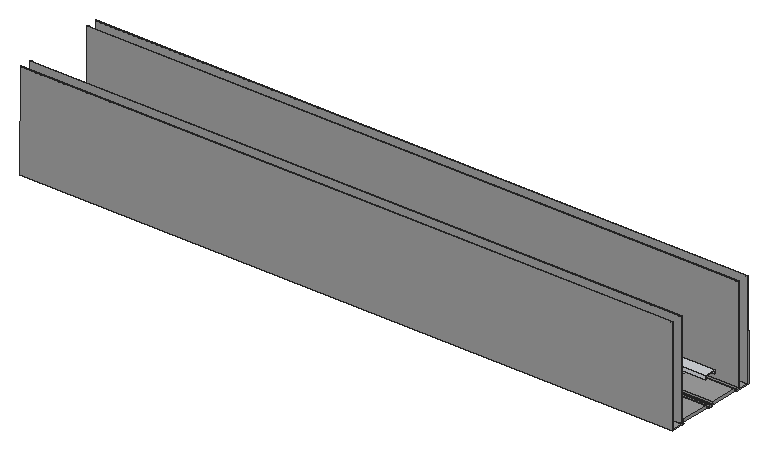
Revit family "Partition-4and1_Panels_High-Skyfold_Zenith_Premium-7-7_to_10-0_FC_2310_to_3050", category Generic Models, host Ceiling, Revit 2026
Family settings
  Host = Ceiling
  Can host rebar = No
  Round Connector Dimension = Use Diameter
  Part Type = Normal
  Always vertical = Yes
  Cut with Voids When Loaded = No
  Maintain Annotation Orientation = No
  Shared = No
  Room Calculation Point = No
Parameters (values of type "4 + 1  Panels high")
  Visibility Of Unfold Single Panel [instance] = and(not(Fold), Number Of Panels < 2)  # no
  Visibility Of Fold Single Panel [instance] = and(Fold, Number Of Panels < 2)  # no
  Visibility Of Fold Panels [instance] = and(Fold, Number Of Panels > 1)  # yes
  URL = "http://www.skyfold.com/"
  Total Panel Height = ([Panel Height"F"] * 4) + 0' 1 1/2"  # 7' - 7 5/8"
  T.O. Hanger = 9' - 8 9/16"
  Pocket Width Calc = if([Pocket Width"E"] > 5' 11 3/8", 5' 11 3/8", [Pocket Width"E"])  # 4' - 10 7/16"
  Pocket Material [instance] = Default
  Panel Array [instance] = if(Number Of Panels < 3, 2, Number Of Panels)  # 4
  Panel 4 Material [instance] = Default
  Panel 3 Material [instance] = Default
  Panel 2 Material [instance] = Default
  Offset Of Acoustic Barrier [instance] = Offset From Ceiling  # 0' - 0"
  Model = "Compact Drive System"
  Manufacturer = "Skyfold"
  Horizontal Panel 5 Material [instance] = Default
  Description = "Custom Powerlift Partitions"
  Default Elevation = 0' - 0"
  Center Pantograph Visibility [instance] = Number Of Panels > 2  # yes
  Visibility Of Single Pantograph [instance] = and(Number Of Panels = 2, Total Wall Length > 16' 0 31/32")  # no
  Total Wall Length [instance] = 45' - 0"
  Wall Thickness = 0' - 11 3/4"  # constant formula
  Unfold [instance] = and(not(Fold), Number Of Panels > 1)  # no
  Pocket Width"E" = ([Panel Height"F"] * 2) + 1' 1 3/8"  # 4' - 10 7/16"
  Panel Length [instance] = (Total Wall Length - 0' 2" - (Number Of Panels - 1) * 0' 0 1/2") / Number Of Panels  # 11' - 2 1/8"
  Panel Height"F" = 1' - 10 17/32"
  Offset From Ceiling [instance] = 0' - 0"
  Center Pantographs [instance] = if(Number Of Panels < 3, 2, Number Of Panels - 1)  # 3
  Number Of Panels [instance] = (Total Wall Length / Max Panel Length) + 0.499  # 4
  Motor Positioning [instance] = if(and(Total Wall Length > 16' 0 15/16", Total Wall Length < 24' 0 5/32"), (Total Wall Length / 2) - ((Panel Length - 2' 8") / 2), if(or(Number Of Panels = 1, Total Wall Length < 16' 1", Number Of Panels = 3, Number Of Panels = 5, Number Of Panels = 7, Number Of Panels = 9, Number Of Panels = 11), (Total Wall Length / 2), (Total Wall Length / 2) - (Panel Length / 2)))  # 16' - 10 15/16"
  Max Wall Length [instance] = 100' - 0"  # constant formula
  Max Panel Length [instance] = 12' - 0"  # constant formula
  Height Distance Between  Panels [instance] = [Panel Height"F"] + 0' 0 1/2"  # 1' - 11 1/32"
  Fold [instance] = yes
  Distance From Acoustic Barrier = 0' - 2"  # constant formula
  Distance Between Panels [instance] = Panel Length + 0' 0 1/2"  # 11' - 2 5/8"
  Finished Ceiling"A" = 7' - 10 1/2"
  Panel 1 Material [instance] = Default
  Top Of Acoustic Barrier [instance] = 14' - 7"
  Bulkhead Width = 0' - 10"
  Beam to Hanger = [Beam Height"B"] - T.O. Hanger  # 0' - 3 7/16"
  Assembly Code = ""
  Beam Height"B" = 10' - 0"
Reference planes (in)
  plane 1 "Center (Front/Back)": y = 0
  plane 2 "Ceiling": z = 96
  plane 3 "Center (Left/Right)": x = 0
  plane 4: y = -29.21875
  plane 5: y = 29.21875
  plane 6: y = -5.875
  plane 7: y = 5.875
  plane 8: x = 540
  plane 9: x = 1
  plane 10: x = 135.625
  plane 11: z = 96
  plane 12: z = 1.5
  plane 13 "Beam height": z = 121.5
  plane 14: x = 202.9375
  plane 15: z = 96
  plane 16: z = 176.5
  plane 17: z = 118.0625
Lines and regions (in)
  Opening 1
    outline origin (0, 3.93322, 96) x (1, 0, 0) y (0, 1, 0)
      loop
        line (0, 35.28553) -> (0, -43.15197) -> (540, -43.15197) -> (540, 35.28553) -> (0, 35.28553)
Dimensions and locks (in)
  equal spacing: host sketch curve, plane 3 "Center (Left/Right)", host sketch curve
  equal spacing: host sketch curve, plane 1 "Center (Front/Back)", host sketch curve
  host sketch curve to host sketch curve = 10' - 0"  (x2)
  plane 2 "Ceiling" to level = 7' - 0"
  equal spacing: plane 4, plane 1 "Center (Front/Back)", plane 5
  "Pocket Width Calc": plane 4 to plane 5
  equal spacing: plane 6, plane 1 "Center (Front/Back)", plane 7
  "Wall Thickness": plane 6 to plane 7
  "Total Wall Length": plane 8 to plane 3 "Center (Left/Right)"
  locked: plane 9 to plane 3 "Center (Left/Right)" at 1
  "Distance Between Panels": plane 10 to plane 9
  equal spacing: group 1, group 2, group 7, group 8  (x3)
  equal spacing: group 3, group 4, group 9, group 10  (x3)
  "Finished Ceiling"A"": plane 11 to plane 12
  locked: nested 7 to plane 3 "Center (Left/Right)" at 32
  locked: plane 8 to nested 8 at 32
  locked: nested 4 to nested 9 at 0.25
  equal spacing: group 5, group 6, group 11  (x3)
  "Distance Between Panels": nested 10 to nested 9
  locked: plane 10 to nested 11 at 0.25
  "Motor Positioning": plane 14 to plane 3 "Center (Left/Right)"
  "Offset From Ceiling": plane 11 to plane 15
  "Top Of Acoustic Barrier": plane 16 to plane 12
  "Beam Height"B"": plane 13 "Beam height" to plane 12
  plane 17 to plane 15 = 1' - 10 1/16"
  aligned and locked: Opening 1 sketch curve to plane 8
  aligned and locked: plane 2 "Ceiling" to host ceiling
  aligned and locked: nested 1 to plane 1 "Center (Front/Back)"
  aligned and locked: plane 9 to nested 1
  aligned and locked: plane 10 to nested 3
  aligned and locked: plane 10 to nested 4
  aligned and locked: plane 8 to nested 5
  aligned and locked: plane 3 "Center (Left/Right)" to nested 5
  aligned and locked: nested 12 to plane 1 "Center (Front/Back)"
  aligned and locked: nested 13 to plane 1 "Center (Front/Back)"
  aligned and locked: nested 14 to nested 13
  aligned and locked: plane 9 to nested 14
  aligned and locked: nested 15 to nested 13
  aligned and locked: plane 9 to nested 15
  aligned and locked: plane 14 to nested 6
  aligned and locked: nested 12 to plane 15
  aligned and locked: nested 2 to plane 15
  aligned and locked: nested 14 to plane 15
  aligned and locked: nested 4 to plane 15
  aligned and locked: plane 2 "Ceiling" to plane 11
  aligned and locked: plane 7 to nested 17
  aligned and locked: nested 16 to plane 11
  aligned and locked: plane 15 to nested 15
  aligned and locked: plane 15 to nested 1
  aligned and locked: nested 13 to nested 3
  aligned and locked: plane 17 to nested 11  (x2)
  aligned and locked: nested 8 to plane 17
  aligned and locked: plane 17 to nested 7
  aligned and locked: plane 15 to nested 3
  aligned and locked: nested 13 to nested 12
  aligned and locked: nested 10 to plane 17
  aligned and locked: plane 17 to nested 9
  aligned and locked: nested 19 to nested 6
  aligned and locked: nested 5 to nested 7
  aligned and locked: nested 6 to nested 7
  aligned and locked: nested 17 to plane 13 "Beam height"
  aligned and locked: plane 1 "Center (Front/Back)" to nested 20
  aligned and locked: plane 16 to nested 20
  aligned and locked: nested 20 to nested 12
  aligned and locked: Opening 1 sketch curve to nested 20  (x2)
Automatic sketch dimensions
  Opening 1 sketch curve to plane 3 "Center (Left/Right)" = 0' - 0"
Nested families (in)
  nested 1: "5 panels group" at (1, 0, -133.8586), visible <- "Unfold", Panel 4 Material <- "Panel 4 Material", Panel 3 Material <- "Panel 3 Material", Panel 2 Material <- "Panel 2 Material", Panel 1 Material <- "Panel 1 Material", Panel Length <- "Panel Length", Total Panel Height <- "Total Panel Height", Horizontal Panel 5 Material <- "Horizontal Panel 5 Material", type "5 panels group"
    with Total Panel Height 7' - 7 5/8", Panel Length 11' - 2 1/8", Panel 4 Material Default, Panel 3 Material Default, Panel 2 Material Default, Panel 1 Material Default, Horizontal Panel 5 Material Default, Panel Height 1' - 10 17/32", Horizontal Panel Height 1' - 9 17/32", Height Distance Between  Panels 1' - 11 1/32"
  nested 2: "Horizontal panel" at (1, 12.57079, 84), visible <- "Visibility Of Fold Panels", Panel Material <- "Panel 4 Material", Panel Length <- "Panel Length", Panel Height <- "Panel Height"F"", type "Horizontal panel"
    with Panel Material Default, Panel Length 11' - 2 1/8", Panel Height 1' - 10 17/32"
  nested 3: "5 panels group" at (135.625, 0, -133.8586), visible <- "Unfold", Panel 4 Material <- "Panel 4 Material", Panel 3 Material <- "Panel 3 Material", Panel 2 Material <- "Panel 2 Material", Panel 1 Material <- "Panel 1 Material", Panel Length <- "Panel Length", Total Panel Height <- "Total Panel Height", Horizontal Panel 5 Material <- "Horizontal Panel 5 Material", type "5 panels group"
    with Total Panel Height 7' - 7 5/8", Panel Length 11' - 2 1/8", Panel 4 Material Default, Panel 3 Material Default, Panel 2 Material Default, Panel 1 Material Default, Horizontal Panel 5 Material Default, Panel Height 1' - 10 17/32", Horizontal Panel Height 1' - 9 17/32", Height Distance Between  Panels 1' - 11 1/32"
  nested 4: "Horizontal panel" at (135.625, 12.57079, 84), visible <- "Visibility Of Fold Panels", Panel Material <- "Panel 4 Material", Panel Length <- "Panel Length", Panel Height <- "Panel Height"F"", type "Horizontal panel"
    with Panel Material Default, Panel Length 11' - 2 1/8", Panel Height 1' - 10 17/32"
  nested 5: "Beam" at (0, -10.75, 102.80469), type "Pocket"
    with Total_Wall_Length 45' - 0"
  nested 6: "Motor" at (185.9375, -23, 111.5), type "Compact"
    with Motor_Height 0' - 10"
  nested 7: "Pantograph" at (54.25, -4, 110.3125) x (0, 1, 0) z (0, 0, 1), type "Pantograph"
    with Beam to Hanger 0' - 3 7/16"
  nested 8: "Pantograph" at (530.25, -4, 110.3125) x (0, 1, 0) z (0, 0, 1), type "Pantograph"
    with Beam to Hanger 0' - 3 7/16"
  nested 9: "Pantograph" at (157.625, -4, 110.3125) x (0, 1, 0) z (0, 0, 1), visible <- "Center Pantograph Visibility", type "Pantograph"
    with Visibility Of Single Pantograph yes, Beam to Hanger 0' - 3 7/16"
  nested 10: "Pantograph" at (292.25, -4, 110.3125) x (0, 1, 0) z (0, 0, 1), visible <- "Center Pantograph Visibility", type "Pantograph"
    with Visibility Of Single Pantograph yes, Beam to Hanger 0' - 3 7/16"
  nested 11: "Pantograph" at (157.625, -4, 110.3125) x (0, 1, 0) z (0, 0, 1), visible <- "Visibility Of Single Pantograph", type "Pantograph"
    with Beam to Hanger 0' - 3 7/16"
  nested 12: "2D Fold Panels" at (1, 2.5592, 96) x (0, 1, 0) z (1, 0, 0), visible <- "Fold", Panel_Height <- "Panel Height"F"", type "Complete Panels"
    with Panel_Height 1' - 10 17/32"
  nested 13: "2D Unfold Panels" at (1, -0.69511, 2.28125) x (0, 1, 0) z (1, 0, 0), visible <- "Unfold", type "Unfold panels"
    with Total Panel Height 7' - 7 5/8", Panel height 1' - 10 17/32", Horizontal Panel Length 1' - 9 17/32", Height Distance Between  Panels 1' - 11 1/32"
  nested 14: "Horizontal panel" at (1, 12.57079, 84), visible <- "Visibility Of Fold Single Panel", Panel Material <- "Panel 1 Material", Panel Length <- "Panel Length", Panel Height <- "Panel Height"F"", type "Horizontal panel"
    with Panel Material Default, Panel Length 11' - 2 1/8", Panel Height 1' - 10 17/32"
  nested 15: "5 panels group" at (1, 0, -133.8586), visible <- "Visibility Of Unfold Single Panel", Panel 4 Material <- "Panel 4 Material", Panel 3 Material <- "Panel 3 Material", Panel 2 Material <- "Panel 2 Material", Panel 1 Material <- "Panel 1 Material", Panel Length <- "Panel Length", Total Panel Height <- "Total Panel Height", type "5 panels group"
    with Total Panel Height 7' - 7 5/8", Panel Length 11' - 2 1/8", Panel 4 Material Default, Panel 3 Material Default, Panel 2 Material Default, Panel 1 Material Default, Horizontal Panel 5 Material Default, Panel Height 1' - 10 17/32", Horizontal Panel Height 1' - 9 17/32", Height Distance Between  Panels 1' - 11 1/32"
  nested 16: "Suspended Ceiling Component" at (1020, 39.8125, 96) x (0, 1, 0) z (1, 0, 0), type "Suspended Ceiling Component"
  nested 17: "construction as per ASTM E557 Component" at (1020, 5.875, 121.5) x (0, 1, 0) z (1, 0, 0), type "construction as per ASTM E557 Component"
  nested 18: "Disclaimer Component" at (1020, -39.8125, 121.5) x (0, 1, 0) z (1, 0, 0), type "Disclaimer Component"
  nested 19: "Acoustic barrier note" at (0, 39.8125, 110.41531) x (0, -1, 0) z (-1, 0, 0), type "Acoustic barrier note"
  nested 20: "Pocket" at (0, -10.75, 97.30469), Total Wall Length <- "Total Wall Length", Beam Height <- "Beam Height"B"", Pocket Material <- "Pocket Material", type "Pocket"
    with Total Wall Length 45' - 0", T.O. Acoustic 14' - 7", Pocket Material Default, Offset 0' - 0 1/2", Beam Height 10' - 0", Acoustic Barrier"C" 1' - 7 5/8", Pocket Width"E" 4' - 10 7/16", Bulkhead width calc 0' - 10", Bulkhead Width 0' - 10"
  nested 21: "5 panels group" at (270.25, 0, -133.8586), visible <- "Unfold", Panel 4 Material <- "Panel 4 Material", Panel 3 Material <- "Panel 3 Material", Panel 2 Material <- "Panel 2 Material", Panel 1 Material <- "Panel 1 Material", Panel Length <- "Panel Length", Total Panel Height <- "Total Panel Height", Horizontal Panel 5 Material <- "Horizontal Panel 5 Material", type "5 panels group"
    with Total Panel Height 7' - 7 5/8", Panel Length 11' - 2 1/8", Panel 4 Material Default, Panel 3 Material Default, Panel 2 Material Default, Panel 1 Material Default, Horizontal Panel 5 Material Default, Panel Height 1' - 10 17/32", Horizontal Panel Height 1' - 9 17/32", Height Distance Between  Panels 1' - 11 1/32"
  nested 22: "5 panels group" at (404.875, 0, -133.8586), visible <- "Unfold", Panel 4 Material <- "Panel 4 Material", Panel 3 Material <- "Panel 3 Material", Panel 2 Material <- "Panel 2 Material", Panel 1 Material <- "Panel 1 Material", Panel Length <- "Panel Length", Total Panel Height <- "Total Panel Height", Horizontal Panel 5 Material <- "Horizontal Panel 5 Material", type "5 panels group"
    with Total Panel Height 7' - 7 5/8", Panel Length 11' - 2 1/8", Panel 4 Material Default, Panel 3 Material Default, Panel 2 Material Default, Panel 1 Material Default, Horizontal Panel 5 Material Default, Panel Height 1' - 10 17/32", Horizontal Panel Height 1' - 9 17/32", Height Distance Between  Panels 1' - 11 1/32"
  nested 23: "Horizontal panel" at (270.25, 12.57079, 84), visible <- "Visibility Of Fold Panels", Panel Material <- "Panel 4 Material", Panel Length <- "Panel Length", Panel Height <- "Panel Height"F"", type "Horizontal panel"
    with Panel Material Default, Panel Length 11' - 2 1/8", Panel Height 1' - 10 17/32"
  nested 24: "Horizontal panel" at (404.875, 12.57079, 84), visible <- "Visibility Of Fold Panels", Panel Material <- "Panel 4 Material", Panel Length <- "Panel Length", Panel Height <- "Panel Height"F"", type "Horizontal panel"
    with Panel Material Default, Panel Length 11' - 2 1/8", Panel Height 1' - 10 17/32"
  nested 25: "Pantograph" at (426.875, -4, 110.3125) x (0, 1, 0) z (0, 0, 1), visible <- "Center Pantograph Visibility", type "Pantograph"
    with Visibility Of Single Pantograph yes, Beam to Hanger 0' - 3 7/16"
Definition of nested family "5 panels group"
  Parameters (values of type "5 panels group")
    Total Panel Height [instance] = 9' - 2 3/4"
    Panel Length [instance] = 3' - 0"
    Panel Height = 2' - 3 7/8"
    Panel 4 Material [instance] = none
    Panel 3 Material [instance] = none
    Panel 2 Material [instance] = none
    Panel 1 Material [instance] = none
    Horizontal Panel Height = Panel Height - 0' 1"  # 2' - 2 7/8"
    Horizontal Panel 5 Material [instance] = none
    Height Distance Between  Panels = Panel Height + 0' 0 1/2"  # 2' - 4 3/8"
    Folded Width = 0' - 11 3/4"
    Default Elevation = 0' - 0"
    Assembly Code = ""
  Reference planes (in)
    plane 1 "Center (Front/Back)": y = 0
    plane 2: z = 0
    plane 3 "Center (Left/Right)": x = 0
    plane 4: y = 5.875
    plane 5: z = 229.8586
    plane 6: y = -5.875
    plane 7: x = 36
    plane 8: z = 118.2336
    plane 9: z = 200.6086
    plane 10: z = 172.2336
    plane 11: z = 143.8586
    plane 12: z = 228.9836
  Forms (in)
    Extrusion 1, solid
      sketch origin (0, 1.79895, 58.50004) x (0, 1, 0) y (0, 0, 1)
        loop
          line (-6.80477, 58.05346) -> (-7.05382, 59.48356) -> (-6.92395, 59.48356) -> (-6.92395, 59.73357) -> (-7.67395, 59.73357) -> (-7.67395, 59.48356) -> (-7.41508, 59.48356) -> (-7.66413, 58.05346)
          arc (-7.66413, 58.05346) -> (-7.23445, 57.62378) -> (-6.80477, 58.05346) r 0.42968
      from 0 to 36
    Extrusion 2, solid
      sketch origin (0, -1.79895, 58.50004) x (0, -1, 0) y (0, 0, -1)
        loop
          arc (-6.80477, -58.05346) -> (-7.23445, -57.62378) -> (-7.66413, -58.05346) r 0.42968
          line (-7.66413, -58.05346) -> (-7.41508, -59.48356) -> (-7.67395, -59.48356) -> (-7.67395, -59.73357) -> (-6.92395, -59.73357) -> (-6.92395, -59.48356) -> (-7.05382, -59.48356) -> (-6.80477, -58.05346)
      from 0 to 36
  Dimensions and locks (in)
    equal spacing: plane 6, plane 1 "Center (Front/Back)", plane 4
    "Folded Width": plane 6 to plane 4
    "Panel Length": plane 7 to plane 3 "Center (Left/Right)"
    plane 5 to plane 12 = 0' - 0 7/8"
    nested 7 to plane 8 = 0' - 2 1/4"
    plane 12 to plane 5 = 0' - 0 7/8"
    equal spacing: plane 12, plane 9, plane 10, plane 11
    "Panel Height": nested 7 to nested 7
    "Panel Height": nested 8 to nested 8
    "Panel Height": nested 5 to nested 5
    "Panel Height": nested 3 to nested 3
    "Panel Height": nested 1 to nested 1
    "Height Distance Between  Panels": plane 12 to plane 9
    "Total Panel Height": plane 12 to plane 8
    "Panel Height": plane 12 to nested 2
    "Panel Height": nested 4 to nested 4
    "Panel Height": nested 6 to nested 6
    aligned: plane 4 to nested 1
    aligned: plane 6 to nested 2
    aligned and locked: plane 3 "Center (Left/Right)" to nested 1
    aligned and locked: plane 7 to Extrusion 1
    aligned and locked: Extrusion 1 to plane 3 "Center (Left/Right)"
    aligned and locked: Extrusion 1 to plane 6
    aligned and locked: Extrusion 2 to plane 3 "Center (Left/Right)"
    aligned and locked: plane 7 to Extrusion 2
    aligned and locked: plane 9 to nested 3
    aligned and locked: nested 4 to plane 9
    aligned and locked: plane 10 to nested 5
    aligned and locked: nested 6 to plane 10
    aligned: nested 2 to plane 12
    aligned: plane 12 to nested 1
    aligned and locked: plane 6 to nested 2
    aligned and locked: plane 6 to nested 4
    aligned and locked: plane 6 to nested 6
    aligned and locked: plane 6 to nested 8
    aligned and locked: plane 4 to nested 7
    aligned and locked: plane 4 to nested 5
    aligned and locked: plane 4 to nested 3
    aligned and locked: plane 4 to nested 1
    aligned and locked: plane 12 to nested 1
    aligned and locked: nested 2 to plane 12
    aligned and locked: nested 8 to plane 11
    aligned and locked: plane 11 to nested 7
    aligned and locked: nested 10 to plane 7
    aligned and locked: plane 7 to nested 9
  Automatic sketch dimensions
    Extrusion 1 sketch curve to plane 6 = 0' - 0"
    plane 6 to Extrusion 1 sketch curve = 0' - 0.00982"
    Extrusion 1 sketch curve to Extrusion 1 sketch curve = 0' - 0.25887"
    Extrusion 1 sketch curve to Extrusion 1 sketch curve = 0' - 0 55/128"
    Extrusion 1 sketch curve to plane 8 = 0' - 0 1/4"  (x2)
    Extrusion 1 sketch curve to Extrusion 1 sketch curve = 0' - 0.36126"
    plane 8 to Extrusion 1 sketch curve = 0' - 0"
    Extrusion 1 sketch curve to Extrusion 1 sketch curve = 0' - 0.12987"
    Extrusion 1 sketch curve to Extrusion 1 sketch curve = 0' - 1.4301"
    Extrusion 2 sketch curve to plane 4 = 0' - 0"
    plane 4 to Extrusion 2 sketch curve = 0' - 0.00982"
    Extrusion 2 sketch curve to Extrusion 2 sketch curve = 0' - 0.25887"
    Extrusion 2 sketch curve to Extrusion 2 sketch curve = 0' - 0 55/128"
    plane 8 to Extrusion 2 sketch curve = 0' - 0 1/4"  (x2)
    Extrusion 2 sketch curve to Extrusion 2 sketch curve = 0' - 0.36126"
    Extrusion 2 sketch curve to plane 8 = 0' - 0"
    Extrusion 2 sketch curve to Extrusion 2 sketch curve = 0' - 0.12987"
    Extrusion 2 sketch curve to Extrusion 2 sketch curve = 0' - 1.4301"
  Nested families (in)
    nested 1: "Top panel" at (0, 3.625, 201.1086), Panel Length <- "Panel Length", Panel Height <- "Panel Height", Panel Material <- "Panel 4 Material", type "Panneau_top"
      with Panel Material none, Panel Length 3' - 0", Panel Height 2' - 3 7/8"
    nested 2: "Top panel" at (0, -3.625, 201.1086), Panel Length <- "Panel Length", Panel Height <- "Panel Height", Panel Material <- "Panel 4 Material", type "Panneau_top"
      with Panel Material none, Panel Length 3' - 0", Panel Height 2' - 3 7/8"
    nested 3: "Panneau_top" at (0, 3.625, 172.7336), panel_height <- "Panel Height", panel_length <- "Panel Length", Panel_Material <- "Panel 3 Material", type "Panneau_top"
      with panel_length 3' - 0", panel_height 2' - 3 7/8", Panel_Material none
    nested 4: "Panneau_top" at (0, -3.625, 172.7336), panel_height <- "Panel Height", panel_length <- "Panel Length", Panel_Material <- "Panel 3 Material", type "Panneau_top"
      with panel_length 3' - 0", panel_height 2' - 3 7/8", Panel_Material none
    nested 5: "Panneau_top" at (0, 3.625, 144.3586), panel_height <- "Panel Height", panel_length <- "Panel Length", Panel_Material <- "Panel 2 Material", type "Panneau_top"
      with panel_length 3' - 0", panel_height 2' - 3 7/8", Panel_Material none
    nested 6: "Panneau_top" at (0, -3.625, 144.3586), panel_height <- "Panel Height", panel_length <- "Panel Length", Panel_Material <- "Panel 2 Material", type "Panneau_top"
      with panel_length 3' - 0", panel_height 2' - 3 7/8", Panel_Material none
    nested 7: "Panneau_top" at (0, 3.625, 115.9836), panel_height <- "Panel Height", panel_length <- "Panel Length", Panel_Material <- "Panel 1 Material", type "Panneau_top"
      with panel_length 3' - 0", panel_height 2' - 3 7/8", Panel_Material none
    nested 8: "Panneau_top" at (0, -3.625, 115.9836), panel_height <- "Panel Height", panel_length <- "Panel Length", Panel_Material <- "Panel 1 Material", type "Panneau_top"
      with panel_length 3' - 0", panel_height 2' - 3 7/8", Panel_Material none
    nested 9: "Horizontal panel" at (36, 5.59579, 229.8586) x (0, 1, 0) z (0, 0, 1), Horizontal Panel Height <- "Horizontal Panel Height", Panel Length <- "Panel Length", Panel Material <- "Horizontal Panel 5 Material", type "Panneau_top"
      with Panel Material none, Panel Length 3' - 0", Horizontal Panel Height 2' - 2 7/8"
    nested 10: "Horizontal panel" at (36, -5.59579, 229.8586) x (0, -1, 0) z (0, 0, 1), Horizontal Panel Height <- "Horizontal Panel Height", Panel Length <- "Panel Length", Panel Material <- "Horizontal Panel 5 Material", type "Panneau_top"
      with Panel Material none, Panel Length 3' - 0", Horizontal Panel Height 2' - 2 7/8"
  Definition of nested family "Top panel"
    Parameters (values of type "Panneau_top")
      Panel Material [instance] = none
      Panel Length [instance] = 4' - 0"
      Panel Height [instance] = 4' - 0"
      Default Elevation = 0' - 0"
      Assembly Code = ""
    Reference planes (in)
      plane 1 "Center (Front/Back)": y = 0
      plane 2: z = 0
      plane 3 "Center (Left/Right)": x = 0
      plane 4: x = 48
      plane 5: z = 48
    Forms (in)
      Extrusion 1, solid, material <- "Panel Material"
        sketch origin (0, 1.5, 0) x (0, 1, 0) y (0, 0, 1)
          loop
            line (-1.5, 48) -> (-1.5, 0) -> (0.75, 0) -> (0.75, 48) -> (-1.5, 48)
        from 0 to 48
    Dimensions and locks (in)
      "Panel Length": plane 4 to plane 3 "Center (Left/Right)"
      locked: plane 1 "Center (Front/Back)" to Extrusion 1 at 2.25
      "Panel Height": plane 5 to plane 2
      aligned and locked: plane 4 to Extrusion 1
      aligned and locked: Extrusion 1 sketch curve to plane 2
      aligned and locked: plane 1 "Center (Front/Back)" to Extrusion 1
      aligned and locked: plane 5 to Extrusion 1
    Automatic sketch dimensions
      Extrusion 1 sketch curve to Extrusion 1 sketch curve = 0' - 2 1/4"
      Extrusion 1 sketch curve to plane 1 "Center (Front/Back)" = 0' - 0"
      Extrusion 1 sketch curve to plane 5 = 0' - 0"
  Definition of nested family "Panneau_top"
    Parameters
      panel_length [instance] = 4' - 0"
      panel_height [instance] = 4' - 0"
      Panel_Material [instance] = none
      Default Elevation = 0' - 0"
      Assembly Code = ""
    Reference planes (in)
      plane 1 "Center (Front/Back)": y = 0
      plane 2: z = 0
      plane 3 "Center (Left/Right)": x = 0
      plane 4: z = 48
      plane 5: x = 48
    Forms (in)
      Extrusion 1, solid, material <- "Panel_Material"
        sketch origin (0, 1.5, 0) x (0, 1, 0) y (0, 0, 1)
          loop
            line (-1.5, 48) -> (-1.5, 0) -> (0.75, 0) -> (0.75, 48) -> (-1.5, 48)
        from 0 to 48
    Dimensions and locks (in)
      "panel_length": plane 5 to plane 3 "Center (Left/Right)"
      "panel_height": plane 4 to plane 2
      locked: plane 1 "Center (Front/Back)" to Extrusion 1 at 2.25
      aligned and locked: plane 4 to Extrusion 1
      aligned and locked: plane 5 to Extrusion 1
      aligned and locked: Extrusion 1 sketch curve to plane 2
      aligned and locked: plane 1 "Center (Front/Back)" to Extrusion 1
    Automatic sketch dimensions
      Extrusion 1 sketch curve to plane 4 = 0' - 0"
      Extrusion 1 sketch curve to Extrusion 1 sketch curve = 0' - 2 1/4"
      Extrusion 1 sketch curve to plane 1 "Center (Front/Back)" = 0' - 0"
  Definition of nested family "Horizontal panel"
    Parameters (values of type "Panneau_top")
      Panel Material [instance] = none
      Panel Length [instance] = 4' - 0"
      Horizontal Panel Height [instance] = 4' - 0"
      Default Elevation = 0' - 0"
      Assembly Code = ""
    Reference planes (in)
      plane 1 "Center (Front/Back)": y = 0
      plane 2: z = 0
      plane 3 "Center (Left/Right)": x = 0
      plane 4: x = 48
      plane 5: z = 2.25
      plane 6: y = 48
    Forms (in)
      Extrusion 1, solid, material <- "Panel Material"
        sketch origin (0, 1.5, 0) x (0, 1, 0) y (0, 0, 1)
          loop
            line (-1.5, 2.25) -> (-1.5, 0) -> (46.5, 0) -> (46.5, 2.25) -> (-1.5, 2.25)
        from 0 to 48
    Dimensions and locks (in)
      "Horizontal Panel Height": plane 4 to plane 3 "Center (Left/Right)"
      plane 1 "Center (Front/Back)" to Extrusion 1 = 4' - 0"
      "Panel Length": plane 6 to plane 1 "Center (Front/Back)"
      aligned and locked: plane 4 to Extrusion 1
      aligned and locked: Extrusion 1 sketch curve to plane 2
      aligned and locked: Extrusion 1 to plane 5
      aligned and locked: plane 1 "Center (Front/Back)" to Extrusion 1
      aligned and locked: Extrusion 1 to plane 6
    Automatic sketch dimensions
      Extrusion 1 sketch curve to Extrusion 1 sketch curve = 4' - 0"
      Extrusion 1 sketch curve to plane 1 "Center (Front/Back)" = 0' - 0"
      Extrusion 1 sketch curve to plane 5 = 0' - 0"
Definition of nested family "Horizontal panel"
  Parameters (values of type "Horizontal panel")
    Pocket Depth = 3' - 0"
    Panel Material [instance] = none
    Panel Length [instance] = 4' - 0"
    Panel Height [instance] = 3' - 0"
    Default Elevation = 0' - 0"
    Assembly Code = ""
  Reference planes (in)
    plane 1 "Center (Front/Back)": y = -12.57079
    plane 2: z = 0
    plane 3 "Center (Left/Right)": x = 0
    plane 4: z = 48
    plane 5: x = 48
    plane 6: y = -15.82079
    plane 7: y = -9.32079
    plane 8: z = 12
    plane 9: y = 26.67921
    plane 10: z = 14.25
    plane 11: y = -51.82079
  Forms (in)
    Extrusion 1, solid, material <- "Panel Material"
      sketch origin (0, 5.05768, 40.06591) x (0, 0, -1) y (0, 1, 0)
        loop
          line (25.81591, 21.62154) -> (25.81591, -14.37846) -> (28.06591, -14.37846) -> (28.06591, 21.62154) -> (25.81591, 21.62154)
      from 0 to 48
    Extrusion 2, solid, material <- "Panel Material"
      sketch origin (0, -28.3555, 40.06591) x (0, 0, -1) y (0, 1, 0)
        loop
          line (25.81591, -23.46529) -> (28.06591, -23.46529) -> (28.06591, 12.53471) -> (25.81591, 12.53471) -> (25.81591, -23.46529)
      from 0 to 48
    Extrusion 3, solid
      sketch origin (0, 0, 0) x (0, 1, 0) y (0, 0, 1)
        loop
          line (-13.96908, 12.83522) -> (-15.57077, 12.58617) -> (-15.57077, 12.71604) -> (-15.82079, 12.71604) -> (-15.82079, 12) -> (-15.57077, 12) -> (-15.57077, 12.22491) -> (-13.96908, 11.97586)
          arc (-13.96908, 11.97586) -> (-13.5394, 12.40554) -> (-13.96908, 12.83522) r 0.42968
      from 0 to 48
    Extrusion 4, solid
      sketch origin (0, -25.14157, 0) x (0, -1, 0) y (0, 0, -1)
        loop
          arc (-13.96908, -12.83522) -> (-13.5394, -12.40554) -> (-13.96908, -11.97586) r 0.42968
          line (-13.96908, -11.97586) -> (-15.57077, -12.22491) -> (-15.57077, -12) -> (-15.82079, -12) -> (-15.82079, -12.71604) -> (-15.57077, -12.71604) -> (-15.57077, -12.58617) -> (-13.96908, -12.83522)
      from 0 to 48
  Dimensions and locks (in)
    "Panel Length": plane 5 to plane 3 "Center (Left/Right)"
    equal spacing: plane 6, plane 1 "Center (Front/Back)", plane 7
    locked: plane 6 to plane 7 at 6.5
    "Pocket Depth": plane 4 to plane 8
    "Panel Height": plane 7 to plane 9
    locked: plane 10 to plane 8 at 2.25
    "Panel Height": plane 11 to plane 6
    aligned: Extrusion 1 to plane 4
    aligned and locked: plane 5 to Extrusion 1
    aligned and locked: Extrusion 1 to plane 7
    aligned and locked: plane 9 to Extrusion 1
    aligned and locked: Extrusion 1 to plane 8
    aligned and locked: plane 10 to Extrusion 1
    aligned and locked: Extrusion 2 to plane 11
    aligned and locked: plane 5 to Extrusion 2
    aligned and locked: import instance to plane 8
    aligned and locked: import instance to plane 6
    aligned and locked: Extrusion 3 sketch curve to import instance  (x8)
    aligned and locked: Extrusion 4 sketch curve to import instance  (x8)
    aligned and locked: Extrusion 3 to plane 3 "Center (Left/Right)"
    aligned and locked: plane 5 to Extrusion 4
    aligned and locked: plane 5 to Extrusion 3
    aligned and locked: Extrusion 4 to plane 3 "Center (Left/Right)"
  Automatic sketch dimensions
    Extrusion 3 sketch curve to Extrusion 3 sketch curve = 0' - 0.12987"
    Extrusion 1 sketch curve to plane 7 = 0' - 0"
    Extrusion 1 sketch curve to plane 10 = 0' - 0"
    Extrusion 1 sketch curve to plane 8 = 0' - 0"
    Extrusion 1 sketch curve to plane 9 = 0' - 0"
    Extrusion 2 sketch curve to plane 6 = 0' - 0"
    Extrusion 2 sketch curve to plane 10 = 0' - 0"
    Extrusion 2 sketch curve to plane 8 = 0' - 0"
    Extrusion 2 sketch curve to plane 11 = 0' - 0"
    Extrusion 4 sketch curve to Extrusion 4 sketch curve = 0' - 0.12987"
Definition of nested family "Beam"
  Parameters
    Total_Wall_Length [instance] = 4' - 0"
    Default Elevation = 0' - 0"
    Assembly Code = ""
  Reference planes (in)
    plane 1 "Center (Front/Back)": y = 10.75
    plane 2: z = 18.69531
    plane 3 "Center (Left/Right)": x = 0
    plane 4: y = 4.75
    plane 5: y = 16.75
    plane 6: x = 48
    plane 7: z = 46.69531
    plane 8: z = -103.30469
  Forms (in)
    Extrusion 1, solid
      sketch origin (0, 0, -30) x (0, 1, 0) y (0, 0, 1)
        loop
          line (5.75, 48.69531) -> (5.75, 46.07031) -> (6.125, 46.07031) -> (6.125, 48.32031) -> (15.375, 48.32031) -> (15.375, 46.07031) -> (15.75, 46.07031) -> (15.75, 48.69531) -> (5.75, 48.69531)
      from 0 to 48
  Dimensions and locks (in)
    plane 4 to plane 1 "Center (Front/Back)" = 0' - 6"
    plane 4 to plane 5 = 1' - 0"
    "Total_Wall_Length": plane 6 to plane 3 "Center (Left/Right)"
    Extrusion 1 sketch curve to Extrusion 1 sketch curve = 0' - 10"
    Extrusion 1 sketch curve to Extrusion 1 sketch curve = 0' - 9 1/4"
    locked: Extrusion 1 sketch curve to Extrusion 1 sketch curve at 0.375  (x2)
    locked: Extrusion 1 sketch curve to Extrusion 1 sketch curve at 2.625
    aligned and locked: plane 8 to level
    aligned and locked: Extrusion 1 sketch curve to Extrusion 1 sketch curve
    aligned and locked: plane 6 to Extrusion 1
    aligned and locked: Extrusion 1 to plane 3 "Center (Left/Right)"
  Automatic sketch dimensions
    Extrusion 1 sketch curve to plane 2 = 0' - 0"
    plane 4 to Extrusion 1 sketch curve = 0' - 1"
    Extrusion 1 sketch curve to plane 5 = 0' - 1 3/8"
    Extrusion 1 sketch curve to Extrusion 1 sketch curve = 0' - 0 3/8"
Definition of nested family "Motor"
  Parameters (values of type "Compact")
    Motor_Width = 5' - 10"
    Motor_Length = 2' - 10"
    Motor_Height = 1' - 0 1/4"
    Default Elevation = 0' - 0"
    Assembly Code = ""
  Reference planes (in)
    plane 1 "Center (Front/Back)": y = 23
    plane 2: z = 0
    plane 3 "Center (Left/Right)": x = 0
    plane 4: y = 6.01
    plane 5: y = 56.83657
    plane 6: z = 12.25
    plane 7: x = 34
    plane 8: x = 17
  Forms (in)
    Extrusion 1, solid
      sketch origin (0, 0, 0) x (0, 1, 0) y (0, 0, 1)
        loop
          line (6.01, 12.25) -> (6.01, 0) -> (56.83657, 0) -> (56.83657, 12.25) -> (6.01, 12.25)
      from 0 to 34
  Dimensions and locks (in)
    "Motor_Height": plane 6 to plane 2
    "Motor_Length": plane 7 to plane 3 "Center (Left/Right)"
    equal spacing: plane 7, plane 8, plane 3 "Center (Left/Right)"
    aligned and locked: plane 4 to Extrusion 1 sketch curve
    aligned and locked: Extrusion 1 sketch curve to plane 6
    aligned and locked: level to Extrusion 1 sketch curve
    aligned and locked: Extrusion 1 sketch curve to plane 5
    aligned and locked: plane 7 to Extrusion 1
    aligned and locked: nested 1 to plane 1 "Center (Front/Back)"
    aligned and locked: plane 6 to nested 1
    aligned and locked: plane 5 to nested 1
  Nested families (in)
    nested 1: "Famille12" at (34, 23.11047, 4.24211) x (0, 1, 0) z (1, 0, 0), type "Famille12"
  Definition of nested family "Famille12"
    Reference planes (in)
      plane 1 "Centre (avant/arrière)": y = 1.97983
      plane 2: z = 0
      plane 3 "Centre (gauche/droite)": x = -0.11047
      plane 4: x = -17.10047
      plane 5: x = 33.7261
    Lines and regions (in)
      Filled region 1, type "Compact motor.dwg-2", in view "Niveau de réf."
        outline origin (-4.2132, 0, 0) x (1, 0, 0) y (0, 1, 0)
          loop
            line (10.16523, 0.56493) -> (11.89605, 0.56493) -> (11.89605, -1.20672) -> (12.32913, -1.20672) -> (12.32913, -2.58467) -> (12.48661, -2.58467) -> (12.48661, -3.0768) -> (18.66771, -3.0768) -> (18.66771, -2.97837) -> (19.61259, -2.97837) -> (19.61259, -1.99412) -> (22.05354, -1.99412) -> (22.08392, -1.6468) -> (22.3685, -1.6468) -> (22.3685, -1.47098) -> (23.5496, -1.47098) -> (23.5496, -1.52168) -> (24.01023, -1.52168) -> (24.01023, -1.38389) -> (24.14124, -1.38389) -> (24.15812, -1.47959) -> (24.96692, -1.56459) -> (29.41574, -1.56459) -> (30.05415, -1.51696) -> (30.48857, -1.51696) -> (30.48857, -1.67444) -> (30.86259, -1.67444) -> (30.86259, -1.51696) -> (37.9393, -1.51696) -> (37.9393, 5.40273) -> (30.86259, 5.40273) -> (30.86259, 5.56021) -> (30.48857, 5.56021) -> (30.48857, 5.40273) -> (30.04566, 5.40273) -> (29.41574, 5.45037) -> (24.96692, 5.45037) -> (24.15812, 5.36536) -> (24.14124, 5.26966) -> (24.01023, 5.26966) -> (24.01023, 5.40745) -> (23.5496, 5.40745) -> (23.53114, 5.35675) -> (22.3685, 5.35675) -> (22.3685, 5.53258) -> (22.08392, 5.53258) -> (22.05354, 5.87989) -> (20.61653, 5.87989) -> (20.61653, 5.998) -> (19.94724, 5.998) -> (19.94724, 5.87989) -> (19.61259, 5.87989) -> (19.61259, 6.96257) -> (12.48661, 6.96257) -> (12.48661, 6.47044) -> (12.32913, 6.47044) -> (12.32913, 5.09249) -> (11.89605, 5.09249) -> (11.89605, 3.85039) -> (10.16523, 3.85039) -> (10.16523, 5.94789) -> (8.41523, 5.94789) -> (8.41523, 8.00789) -> (-0.20977, 8.00789) -> (-0.20977, 6.42989) -> (-12.88727, 6.42989) -> (-12.88727, -0.05211) -> (-5.03715, -0.05211) -> (-5.03715, -2.05211) -> (0.04023, -2.05211) -> (0.04023, -4.18026) -> (8.16523, -4.18026) -> (8.16523, -2.05211) -> (10.16523, -2.05211) -> (10.16523, 0.56493)
      model lines, in view "Niveau de réf."
        curve 1: line (3.95203, -4.18026, 0) -> (-4.17297, -4.18026, 0)
        curve 2: line (-17.10047, -0.05211, 0) -> (-17.10047, 6.42989, 0)
        curve 3: line (-4.42297, 8.00789, 0) -> (4.20203, 8.00789, 0)
      detail lines, in view "Niveau de réf."
        curve 4: line (5.95203, 3.85039, 0) -> (5.95203, 5.94789, 0)
        curve 5: line (7.68285, 3.85039, 0) -> (5.95203, 3.85039, 0)
        curve 6: line (7.68285, 4.69879, 0) -> (7.68285, 3.85039, 0)
        curve 7: line (8.27341, 6.47044, 0) -> (8.11592, 6.47044, 0)
        curve 8: line (8.27341, 6.96257, 0) -> (8.27341, 6.47044, 0)
        curve 9: line (15.39939, 6.96257, 0) -> (8.27341, 6.96257, 0)
        curve 10: line (15.39939, 5.87989, 0) -> (15.39939, 6.96257, 0)
        curve 11: line (33.7261, 5.40273, 0) -> (26.64939, 5.40273, 0)
        curve 12: line (33.7261, -1.51696, 0) -> (33.7261, 5.40273, 0)
        curve 13: line (26.64939, -1.51696, 0) -> (33.7261, -1.51696, 0)
        curve 14: line (18.1553, -1.47098, 0) -> (19.3364, -1.47098, 0)
        curve 15: line (18.1553, -1.6468, 0) -> (18.1553, -1.47098, 0)
        curve 16: line (17.87072, -1.6468, 0) -> (18.1553, -1.6468, 0)
        curve 17: line (17.84033, -1.99412, 0) -> (17.87072, -1.6468, 0)
        curve 18: line (15.39939, -1.99412, 0) -> (17.84033, -1.99412, 0)
        curve 19: line (15.39939, -2.97837, 0) -> (15.39939, -1.99412, 0)
        curve 20: line (14.45451, -2.97837, 0) -> (15.39939, -2.97837, 0)
        curve 21: line (14.45451, -3.0768, 0) -> (14.45451, -2.97837, 0)
        curve 22: line (8.27341, -3.0768, 0) -> (14.45451, -3.0768, 0)
        curve 23: line (8.27341, -2.58467, 0) -> (8.27341, -3.0768, 0)
        curve 24: line (8.11592, -2.58467, 0) -> (8.27341, -2.58467, 0)
        curve 25: line (8.11592, -1.20672, 0) -> (8.11592, -2.58467, 0)
        curve 26: line (7.91907, -1.20672, 0) -> (8.11592, -1.20672, 0)
        curve 27: line (7.91907, -1.15038, 0) -> (7.91907, -1.20672, 0)
        curve 28: line (7.68285, -0.81302, 0) -> (7.91907, -1.15038, 0)
        curve 29: line (7.68285, 0.56493, 0) -> (7.68285, -0.81302, 0)
        curve 30: line (5.95203, 0.56493, 0) -> (7.68285, 0.56493, 0)
        curve 31: line (5.95203, -2.05211, 0) -> (5.95203, 0.56493, 0)
        curve 32: line (-17.10047, -0.05211, 0) -> (-9.25035, -0.05211, 0)
        curve 33: line (-9.25035, -0.05211, 0) -> (-9.25035, -2.05211, 0)
        curve 34: line (-9.25035, -2.05211, 0) -> (-4.17297, -2.05211, 0)
        curve 35: line (-4.17297, -2.05211, 0) -> (-4.17297, -4.18026, 0)
        curve 36: line (3.95203, -4.18026, 0) -> (3.95203, -2.05211, 0)
        curve 37: line (3.95203, -2.05211, 0) -> (5.95203, -2.05211, 0)
        curve 38: line (5.95203, 5.94789, 0) -> (4.20203, 5.94789, 0)
        curve 39: line (4.20203, 5.94789, 0) -> (4.20203, 8.00789, 0)
        curve 40: line (-4.42297, 8.00789, 0) -> (-4.42297, 6.42989, 0)
        curve 41: line (-4.42297, 6.42989, 0) -> (-17.10047, 6.42989, 0)
        curve 42: line (26.64939, 5.40273, 0) -> (26.64939, 5.56021, 0)
        curve 43: line (26.64939, 5.56021, 0) -> (26.27537, 5.56021, 0)
        curve 44: line (26.27537, 5.56021, 0) -> (26.27537, 5.40273, 0)
        curve 45: line (26.27537, 5.40273, 0) -> (25.83246, 5.40273, 0)
        curve 46: line (25.83246, 5.38416, 0) -> (25.20254, 5.45037, 0)
        curve 47: line (25.20254, 5.45037, 0) -> (20.75372, 5.45037, 0)
        curve 48: line (20.75372, 5.45037, 0) -> (19.94492, 5.36536, 0)
        curve 49: line (19.94492, 5.36536, 0) -> (19.92804, 5.26966, 0)
        curve 50: line (19.92804, 5.26966, 0) -> (19.79703, 5.26966, 0)
        curve 51: line (19.79703, 5.26966, 0) -> (19.79703, 5.38501, 0)
        curve 52: line (19.79703, 5.40745, 0) -> (19.3364, 5.40745, 0)
        curve 53: line (19.3364, 5.35675, 0) -> (18.1553, 5.35675, 0)
        curve 54: line (18.1553, 5.35675, 0) -> (18.1553, 5.53258, 0)
        curve 55: line (18.1553, 5.53258, 0) -> (17.87072, 5.53258, 0)
        curve 56: line (17.87072, 5.53258, 0) -> (17.84033, 5.87989, 0)
        curve 57: line (17.84033, 5.87989, 0) -> (16.40333, 5.87989, 0)
        curve 58: line (16.40333, 5.87989, 0) -> (16.40333, 5.998, 0)
        curve 59: line (16.40333, 5.998, 0) -> (15.73404, 5.998, 0)
        curve 60: line (15.73404, 5.998, 0) -> (15.73404, 5.87989, 0)
        curve 61: line (15.73404, 5.87989, 0) -> (15.39939, 5.87989, 0)
        curve 62: line (8.27341, 6.90232, 0) -> (8.27341, 6.47044, 0)
        curve 63: line (8.27341, 6.47044, 0) -> (8.11592, 6.47044, 0)
        curve 64: line (8.11592, 6.47044, 0) -> (8.11592, 5.09249, 0)
        curve 65: line (8.11592, 5.09249, 0) -> (7.91907, 5.09249, 0)
        curve 66: line (7.91907, 5.09249, 0) -> (7.91907, 5.0292, 0)
        curve 67: line (7.91907, 5.0292, 0) -> (7.68285, 4.69879, 0)
        curve 68: line (7.68285, 4.69879, 0) -> (7.68285, 3.81789, 0)
        curve 69: line (19.3364, -1.47098, 0) -> (19.3364, -1.52168, 0)
        curve 70: line (19.3364, -1.52168, 0) -> (19.79703, -1.52168, 0)
        curve 71: line (19.79703, -1.52168, 0) -> (19.79703, -1.43996, 0)
        curve 72: line (19.80884, -1.38389, 0) -> (19.92804, -1.38389, 0)
        curve 73: line (19.92804, -1.38389, 0) -> (19.94492, -1.47959, 0)
        curve 74: line (19.94492, -1.47959, 0) -> (20.75372, -1.56459, 0)
        curve 75: line (20.75372, -1.56459, 0) -> (25.20254, -1.56459, 0)
        curve 76: line (25.20254, -1.56459, 0) -> (25.83246, -1.49839, 0)
        curve 77: line (25.83246, -1.51696, 0) -> (26.27537, -1.51696, 0)
        curve 78: line (26.27537, -1.51696, 0) -> (26.27537, -1.67444, 0)
        curve 79: line (26.27537, -1.67444, 0) -> (26.64939, -1.67444, 0)
        curve 80: line (26.64939, -1.67444, 0) -> (26.64939, -1.51696, 0)
        curve 81: line (25.83246, 5.42964, 0) -> (25.83246, 5.30123, 0)
    Dimensions and locks (in)
      locked: plane 4 to plane 3 "Centre (gauche/droite)" at 16.99
      locked: plane 3 "Centre (gauche/droite)" to plane 5 at 33.83657
      aligned and locked: curve 12 to Filled region 1
      aligned and locked: plane 5 to curve 12
      aligned and locked: plane 4 to curve 2
Definition of nested family "Pantograph"
  Parameters (values of type "Pantograph")
    Visibility Of Single Pantograph [instance] = yes
    Default Elevation = 0' - 0"
    Beam to Hanger = 0' - 4 17/32"
    Assembly Code = ""
  Reference planes (in)
    plane 1 "Center (Front/Back)": y = 22.25
    plane 2: z = 0
    plane 3 "Center (Left/Right)": x = 0
    plane 4: z = 7.75
    plane 5: x = 7.99998
    plane 6: z = 12.28125
    plane 7: x = 3.99999
    plane 8: y = 28.5
    plane 9: y = 16
    plane 10: y = 27.75
    plane 11: y = 16.75
    plane 12: x = 9.18973
    plane 13: x = -1.18975
  Forms (in)
    Extrusion 1, solid, visible <- "Visibility Of Single Pantograph"
      sketch origin (0, 0, 0) x (0, 1, 0) y (0, 0, 1)
        loop
          line (16.75, 12.28125) -> (16.75, 7.75) -> (27.75, 7.75) -> (27.75, 12.28125) -> (16.75, 12.28125)
      from 0 to 7.99998
    Extrusion 2, solid
      sketch origin (-4, 0, 10.25) x (0, 1, 0) y (0, 0, 1)
        loop
          line (16, -2.5) -> (16, -10.25) -> (28.5, -10.25) -> (28.5, -2.5) -> (16, -2.5)
      from 2.81025 to 13.18973
  Dimensions and locks (in)
    locked: Extrusion 1 sketch curve to Extrusion 1 sketch curve at 11
    equal spacing: Extrusion 1 sketch curve, plane 1 "Center (Front/Back)", Extrusion 1 sketch curve
    locked: plane 4 to plane 2 at 7.75
    equal spacing: plane 3 "Center (Left/Right)", plane 7, plane 5
    equal spacing: plane 11, plane 1 "Center (Front/Back)", plane 10
    equal spacing: plane 9, plane 1 "Center (Front/Back)", plane 8
    locked: plane 9 to plane 8 at 12.5
    equal spacing: plane 12, plane 7, plane 13
    equal spacing: plane 5, plane 7, plane 3 "Center (Left/Right)"
    locked: plane 12 to plane 13 at 10.37947
    "Beam to Hanger": plane 6 to plane 4
    aligned and locked: plane 5 to Extrusion 1
    aligned and locked: plane 6 to Extrusion 1
    aligned and locked: plane 4 to Extrusion 2
    aligned and locked: Extrusion 2 to plane 2
    aligned and locked: Extrusion 1 to Extrusion 2
  Automatic sketch dimensions
    Extrusion 1 sketch curve to plane 6 = 0' - 0"
    plane 4 to Extrusion 1 sketch curve = 0' - 0"
    Extrusion 2 sketch curve to plane 9 = 0' - 0"
    plane 8 to Extrusion 2 sketch curve = 0' - 0"
    level to Extrusion 2 sketch curve = 0' - 0"
    Extrusion 2 sketch curve to plane 4 = 0' - 0"
Definition of nested family "Pocket"
  Parameters (values of type "Pocket")
    Total Wall Length [instance] = 35' - 0"
    T.O. Acoustic [instance] = 12' - 0"
    Pocket Width"E" = 4' - 0"
    Pocket Material [instance] = none
    Pocket Depth"D" = 1' - 7 3/4"
    Offset [instance] = 0' - 0 1/2"
    Finished Ceiling"A" = 7' - 10 1/2"
    Default Elevation = 0' - 0"
    Bulkhead width calc = if(Bulkhead Width < 0' 5 1/4", 0' 5 1/4", Bulkhead Width)  # 0' - 5 1/4"
    Bulkhead Width = 0' - 5 1/4"
    Beam Height [instance] = 10' - 0"
    Assembly Code = ""
    Acoustic Barrier"C" [instance] = 1' - 7 5/8"
  Reference planes (in)
    plane 1 "Center (Front/Back)": y = 10.75
    plane 2: z = 18.44531
    plane 3 "Center (Left/Right)": x = 0
    plane 4: z = -1.30469
    plane 5: y = -13.25
    plane 6: y = 34.75
    plane 7: y = -18.5
    plane 8: y = 40
    plane 9: x = 420
    plane 10: z = 48.19531
    plane 11: z = -95.80469
    plane 12: x = 12.89513
    plane 13: x = 203.52734
    plane 14: z = 24.19531
  Forms (in)
    Extrusion 1, solid, material <- "Pocket Material"
      sketch origin (0, 0, 0) x (0, 1, 0) y (0, 0, 1)
        loop
          line (-18.5, 48.19531) -> (-18.5, -1.30469) -> (-13.25, -1.30469) -> (-13.25, 48.19531) -> (-13.875, 48.19531) -> (-13.875, -0.67969) -> (-17.875, -0.67969) -> (-17.875, 48.19531) -> (-18.5, 48.19531)
      from 0 to 420
    Extrusion 2, solid, material <- "Pocket Material"
      sketch origin (0, 0, 0) x (0, 1, 0) y (0, 0, 1)
        loop
          line (9.75, -1.30469) -> (11.75, -1.30469) -> (11.75, -1.05469) -> (10.875, -1.05469) -> (10.875, 0.69531) -> (10.625, 0.69531) -> (10.625, -1.05469) -> (9.75, -1.05469) -> (9.75, -1.30469)
      from 0 to 420
    Extrusion 3, solid
      sketch origin (420, 0, -3.4021) x (0, 1, 0) y (0, 0, 1)
        loop
          line (-13.25, 3.59742) -> (-13.25, 2.09742) -> (-11.75, 2.09742) -> (-11.75, 2.19117) -> (-13.15625, 2.19117) -> (-13.15625, 3.59742) -> (-13.25, 3.59742)
      from -420 to 0
    Extrusion 4, solid, material <- "Pocket Material"
      sketch origin (0, 21.5, 0) x (0, -1, 0) y (0, 0, -1)
        loop
          line (-18.5, -48.19531) -> (-17.875, -48.19531) -> (-17.875, 0.67969) -> (-13.875, 0.67969) -> (-13.875, -48.19531) -> (-13.25, -48.19531) -> (-13.25, 1.30469) -> (-18.5, 1.30469) -> (-18.5, -48.19531)
      from 0 to 420
    Extrusion 5, solid, material <- "Pocket Material"
      sketch origin (300, 21.5, -1.60342) x (0, -1, 0) y (0, 0, -1)
        loop
          line (-13.25, -1.79873) -> (-13.15625, -1.79873) -> (-13.15625, -0.39248) -> (-11.75, -0.39248) -> (-11.75, -0.29873) -> (-13.25, -0.29873) -> (-13.25, -1.79873)
      from -300 to 120
  Lines and regions (in)
    symbolic lines
      curve 1: line (300, -17.875, -0.67969) -> (300, -13.875, -0.67969)
      curve 2: line (300, -17.875, 48.19531) -> (300, -17.875, -0.67969)
      curve 3: line (300, -13.875, 48.19531) -> (300, -17.875, 48.19531)
      curve 4: line (300, -13.875, -0.67969) -> (300, -13.875, 48.19531)
      curve 5: line (300, 39.375, -0.67969) -> (300, 35.375, -0.67969)
      curve 6: line (300, 39.375, 48.19531) -> (300, 39.375, -0.67969)
      curve 7: line (300, 35.375, 48.19531) -> (300, 39.375, 48.19531)
      curve 8: line (300, 35.375, -0.67969) -> (300, 35.375, 48.19531)
      curve 9: line (300, -17.25, 48.19531) -> (300, -17.25, -0.05469)
      curve 10: line (300, -14.5, -0.05469) -> (300, -14.5, 48.19531)
      curve 11: line (300, -17.25, -0.05469) -> (300, -14.5, -0.05469)
      curve 12: line (300, 38.75, 48.19531) -> (300, 38.75, -0.05469)
      curve 13: line (300, 36, -0.05469) -> (300, 36, 48.19531)
      curve 14: line (300, 38.75, -0.05469) -> (300, 36, -0.05469)
  Dimensions and locks (in)
    "Bulkhead width calc": plane 7 to plane 5
    "Bulkhead width calc": plane 6 to plane 8
    "Pocket Width"E"": plane 5 to plane 6
    equal spacing: plane 5, plane 1 "Center (Front/Back)", plane 6
    "Finished Ceiling"A"": plane 4 to level
    locked: plane 7 to Extrusion 1 sketch curve at 0.625
    locked: Extrusion 1 sketch curve to plane 4 at 0.625
    locked: Extrusion 1 sketch curve to Extrusion 1 sketch curve at 0.625
    "Total Wall Length": plane 9 to plane 3 "Center (Left/Right)"
    equal spacing: Extrusion 2 sketch curve, plane 1 "Center (Front/Back)", Extrusion 2 sketch curve  (x2)
    locked: Extrusion 2 sketch curve to plane 4 at 2
    locked: Extrusion 2 sketch curve to plane 4 at 0.25
    locked: Extrusion 2 sketch curve to plane 1 "Center (Front/Back)" at 0.125
    Extrusion 1 sketch curve to plane 2 = 2' - 5 3/4"
    "T.O. Acoustic": plane 10 to plane 11
    locked: plane 13 to plane 3 "Center (Left/Right)" at 203.52734
    "Beam Height": plane 14 to plane 11
    plane 4 to plane 11 = 7' - 10 1/2"
    Extrusion 1 to Extrusion 1 to plane 5 = 0' - 0 5/8", 0' - 0"
    locked: Extrusion 3 sketch curve to Extrusion 3 sketch curve at 0.09375  (x2)
    locked: Extrusion 3 sketch curve to Extrusion 3 sketch curve at 1.5  (x2)
    locked: Extrusion 4 sketch curve to Extrusion 4 sketch curve at 0.625
    locked: Extrusion 5 sketch curve to Extrusion 5 sketch curve at 0.09375  (x2)
    locked: Extrusion 5 sketch curve to Extrusion 5 sketch curve at 1.5  (x2)
    "Pocket Depth"D"": plane 2 to plane 4
    aligned and locked: plane 9 to Extrusion 1
    aligned and locked: Extrusion 2 sketch curve to Extrusion 2 sketch curve
    aligned and locked: Extrusion 2 to plane 3 "Center (Left/Right)"
    aligned and locked: plane 9 to Extrusion 2
    aligned and locked: plane 11 to level
    aligned and locked: curve 1 to Extrusion 1  (x2)
    aligned and locked: curve 4 to Extrusion 1
    aligned and locked: plane 5 to Extrusion 3
    aligned and locked: plane 6 to Extrusion 5
    aligned and locked: plane 9 to Extrusion 3
    aligned and locked: Extrusion 3 to plane 3 "Center (Left/Right)"
    aligned and locked: plane 9 to Extrusion 5
    aligned and locked: Extrusion 5 to plane 3 "Center (Left/Right)"
    aligned and locked: Extrusion 4 to curve 8
    aligned and locked: Extrusion 4 to curve 6
    aligned and locked: curve 5 to Extrusion 4
    aligned and locked: plane 9 to Extrusion 4
    aligned and locked: Extrusion 1 to plane 3 "Center (Left/Right)"
    aligned and locked: Extrusion 4 to plane 3 "Center (Left/Right)"
    aligned and locked: Extrusion 3 to plane 4
    aligned and locked: plane 10 to Extrusion 1  (x2)
    aligned and locked: plane 10 to Extrusion 4  (x2)
    aligned and locked: plane 10 to curve 7
    aligned and locked: curve 3 to plane 10
  Automatic sketch dimensions
    Extrusion 1 sketch curve to plane 4 = 0' - 0"
    Extrusion 1 sketch curve to plane 7 = 0' - 0"
    Extrusion 1 sketch curve to plane 5 = 0' - 0"
    Extrusion 1 sketch curve to plane 10 = 0' - 0"
    Extrusion 2 sketch curve to plane 4 = 0' - 0"
    Extrusion 2 sketch curve to Extrusion 2 sketch curve = 0' - 0 7/8"
    curve 1 to curve 11 = 0' - 0 5/8"
    curve 11 to curve 1 = 0' - 0 5/8"
    curve 5 to curve 13 = 0' - 0 5/8"
    curve 14 to curve 5 = 0' - 0 5/8"
    curve 1 to curve 10 = 0' - 0 5/8"
    curve 5 to curve 14 = 0' - 0 5/8"
    Extrusion 3 sketch curve to plane 4 = 0' - 0"
    Extrusion 3 sketch curve to plane 5 = 0' - 0"
    Extrusion 4 sketch curve to plane 4 = 0' - 0"
    Extrusion 4 sketch curve to plane 8 = 0' - 0"
    Extrusion 4 sketch curve to plane 10 = 0' - 0"  (x2)
    Extrusion 4 sketch curve to plane 6 = 0' - 0"
    plane 8 to Extrusion 4 sketch curve = 0' - 0 5/8"
    Extrusion 4 sketch curve to plane 4 = 0' - 0 5/8"
    Extrusion 5 sketch curve to plane 4 = 0' - 0"
    Extrusion 5 sketch curve to plane 6 = 0' - 0"
Definition of nested family "2D Fold Panels"
  Parameters (values of type "Complete Panels")
    Panel_Height [instance] = 1' - 6"
    Assembly Code = ""
  Reference planes (in)
    plane 1 "Center (Front/Back)": y = 0
    plane 2: z = 0
    plane 3 "Center (Left/Right)": x = -2.5592
    plane 4: x = -5.8092
    plane 5: x = 0.6908
    plane 6: x = -23.8092
    plane 7: x = 18.6908
  Lines and regions (in)
    detail lines, in view "Ref. Level"
      curve 1: line (-18.71997, 11.12447, 0) -> (-11.22314, 11.12447, 0)
      curve 2: line (-18.71997, 8.87447, 0) -> (-11.22314, 8.87447, 0)
      curve 3: line (-11.22314, 8.74947, 0) -> (-18.71997, 8.74947, 0)
      curve 4: line (-18.71997, 6.48506, 0) -> (-11.22314, 6.48506, 0)
      curve 5: line (-11.22314, 5.62447, 0) -> (-18.71997, 5.62447, 0)
      curve 6: line (-18.71997, 3.37447, 0) -> (-11.22314, 3.37447, 0)
      curve 7: line (-11.22314, 2.25, 0) -> (-18.71997, 2.25, 0)
      curve 8: line (-18.71997, 0, 0) -> (-11.22314, 0, 0)
      curve 9: line (6.10474, 11.12447, 0) -> (13.60157, 11.12447, 0)
      curve 10: line (6.10474, 8.87447, 0) -> (13.60157, 8.87447, 0)
      curve 11: line (6.10474, 8.74947, 0) -> (13.60157, 8.74947, 0)
      curve 12: line (13.60157, 6.49947, 0) -> (6.10474, 6.49947, 0)
      curve 13: line (6.10474, 5.62447, 0) -> (13.60157, 5.62447, 0)
      curve 14: line (13.60157, 3.37447, 0) -> (6.10474, 3.37447, 0)
      curve 15: line (6.10474, 2.25, 0) -> (13.60157, 2.25, 0)
      curve 16: line (13.60157, 0, 0) -> (6.10474, 0, 0)
      curve 17: line (-18.71997, 11.9993, 0) -> (-11.22314, 11.9993, 0)
      curve 18: line (-18.71997, 14.2493, 0) -> (-11.22314, 14.2493, 0)
      curve 19: line (6.10474, 11.9993, 0) -> (13.60157, 11.9993, 0)
      curve 20: line (6.10474, 14.24947, 0) -> (13.60157, 14.24947, 0)
  Dimensions and locks (in)
    equal spacing: plane 4, plane 3 "Center (Left/Right)", plane 5
    locked: plane 4 to plane 5 at 6.5
    "Panel_Height": plane 6 to plane 4
    "Panel_Height": plane 5 to plane 7
    aligned: nested 2 to plane 4
    aligned: nested 4 to plane 5
    aligned and locked: plane 1 "Center (Front/Back)" to nested 1
    aligned and locked: plane 1 "Center (Front/Back)" to nested 2
    aligned and locked: nested 4 to plane 1 "Center (Front/Back)"
    aligned and locked: nested 3 to plane 1 "Center (Front/Back)"
    aligned and locked: plane 7 to nested 3
    aligned and locked: plane 6 to nested 1
    aligned and locked: plane 4 to nested 2
    aligned and locked: plane 5 to nested 4
  Automatic sketch dimensions
    plane 1 "Center (Front/Back)" to curve 8 = 0' - 0"
    plane 1 "Center (Front/Back)" to curve 16 = 0' - 0"
    plane 6 to curve 1 = 0' - 5.08923"
    curve 18 to curve 1 = 0' - 0"
    curve 2 to curve 1 = 0' - 0"
    plane 6 to curve 8 = 0' - 5.08923"
    curve 7 to curve 8 = 0' - 0"
    curve 3 to curve 2 = 0' - 0"
    curve 4 to curve 3 = 0' - 0"
    curve 6 to curve 7 = 0' - 0"
    curve 5 to curve 4 = 0' - 0"  (x2)
    curve 17 to curve 1 = 0' - 0"
    curve 4 to plane 4 = 0' - 5.41394"
    curve 6 to curve 4 = 0' - 0"
    curve 7 to curve 6 = 0' - 0"
    curve 3 to curve 4 = 0' - 0"
    curve 2 to curve 3 = 0' - 0"
    curve 8 to curve 7 = 0' - 0"
    curve 17 to curve 2 = 0' - 0"
    curve 1 to curve 17 = 0' - 0"
    curve 18 to curve 17 = 0' - 0"
    plane 5 to curve 19 = 0' - 5.41394"
    curve 20 to curve 19 = 0' - 0"  (x2)
    plane 5 to curve 12 = 0' - 5.41394"
    curve 13 to curve 12 = 0' - 0"
    curve 9 to curve 19 = 0' - 0"  (x2)
    curve 10 to curve 9 = 0' - 0"
    curve 11 to curve 10 = 0' - 0"
    curve 14 to curve 13 = 0' - 0"
    curve 15 to curve 14 = 0' - 0"
    curve 16 to curve 15 = 0' - 0"
    curve 16 to plane 7 = 0' - 5.08923"
    curve 15 to curve 16 = 0' - 0"
    curve 14 to curve 15 = 0' - 0"
    curve 13 to curve 14 = 0' - 0"
    curve 12 to curve 13 = 0' - 0"
    curve 11 to curve 12 = 0' - 0"
    curve 10 to curve 11 = 0' - 0"
    curve 19 to curve 10 = 0' - 0"
    curve 15 to plane 1 "Center (Front/Back)" = 0' - 2 1/4"
    curve 7 to plane 1 "Center (Front/Back)" = 0' - 2 1/4"
    curve 15 to curve 14 = 0' - 1.12447"
    curve 7 to curve 6 = 0' - 1.12447"
    curve 6 to curve 5 = 0' - 2 1/4"
    curve 14 to curve 13 = 0' - 2 1/4"
    curve 5 to curve 4 = 0' - 0.86059"
    curve 13 to curve 12 = 0' - 0 7/8"
    curve 12 to curve 11 = 0' - 2 1/4"
    curve 4 to curve 3 = 0' - 2.26441"
    curve 11 to curve 10 = 0' - 0 1/8"
    curve 3 to curve 2 = 0' - 0 1/8"
    curve 10 to curve 9 = 0' - 2 1/4"
    curve 2 to curve 1 = 0' - 2 1/4"
    curve 1 to curve 17 = 0' - 0.87483"
    curve 9 to curve 19 = 0' - 0.87483"
    curve 17 to curve 18 = 0' - 2 1/4"
    curve 19 to curve 20 = 0' - 2.25017"
  Nested families (in)
    nested 1: "2D Ext Panels" at (-15.49724, 0, 0), type "panels", in view "Ref. Level"
    nested 2: "2D Int Panels" at (12.06163, 0, 0), type "Panels", in view "Ref. Level"
    nested 3: "2D Ext Panels" at (10.37884, 0, 0) x (-1, 0, 0) z (0, 0, 1), type "panels", in view "Ref. Level"
    nested 4: "2D Int Panels" at (-17.18003, 0, 0) x (-1, 0, 0) z (0, 0, 1), type "Panels", in view "Ref. Level"
  Definition of nested family "2D Ext Panels"
    Parameters (values of type "panels")
      Assembly Code = ""
    Reference planes (in)
      plane 1 "Center (Front/Back)": y = 0
      plane 2: z = 0
      plane 3 "Center (Left/Right)": x = 0
    Lines and regions (in)
      model lines, in view "Ref. Level"
        curve 1: line (-3.15164, 2.25, 0) -> (-7.68509, 2.25, 0)
        curve 2: line (-8.31196, 0.25001, 0) -> (-8.31196, 0, 0)
        curve 3: line (-8.31196, 0, 0) -> (-3.15164, 0, 0)
        curve 4: line (-3.15164, 8.87447, 0) -> (-7.685, 8.87447, 0)
        curve 5: line (-8.68696, 11.12447, 0) -> (-3.15164, 11.12447, 0)
        curve 6: line (-3.15164, 6.49947, 0) -> (-8.31188, 6.49947, 0)
        curve 7: line (-7.685, 8.74947, 0) -> (-3.15164, 8.74947, 0)
        curve 8: line (-3.15164, 3.37447, 0) -> (-7.68509, 3.37447, 0)
        curve 9: line (-8.68696, 5.62447, 0) -> (-3.15164, 5.62447, 0)
      detail lines, in view "Ref. Level"
        curve 10: line (-8.31196, 0.25001, 0) -> (-8.7182, 0.25001, 0)
        curve 11: line (-8.7182, 0.25001, 0) -> (-8.7182, 0.28401, 0)
        curve 12: line (-8.7182, 0.28401, 0) -> (-7.81398, 0.28401, 0)
        curve 13: line (-7.81398, 0.28401, 0) -> (-7.81398, 0.75, 0)
        curve 14: line (-8.34196, 0.75, 0) -> (-8.34196, 1.59312, 0)
        curve 15: line (-8.34196, 1.59312, 0) -> (-7.68509, 2.25, 0)
        curve 16: line (-8.34196, 0.75, 0) -> (-7.81398, 0.75, 0)
        curve 17: line (-8.68696, 5.62447, 0) -> (-8.68696, 5.24948, 0)
        curve 18: line (-8.68696, 5.24948, 0) -> (-9.0932, 5.24948, 0)
        curve 19: line (-9.0932, 5.22448, 0) -> (-8.29775, 5.22448, 0)
        curve 20: line (-8.29775, 5.22448, 0) -> (-8.29775, 4.87447, 0)
        curve 21: line (-9.0932, 5.25821, 0) -> (-9.0932, 5.22448, 0)
        curve 22: line (-7.68509, 3.37447, 0) -> (-8.34196, 4.03135, 0)
        curve 23: line (-8.34196, 4.03135, 0) -> (-8.34196, 4.87447, 0)
